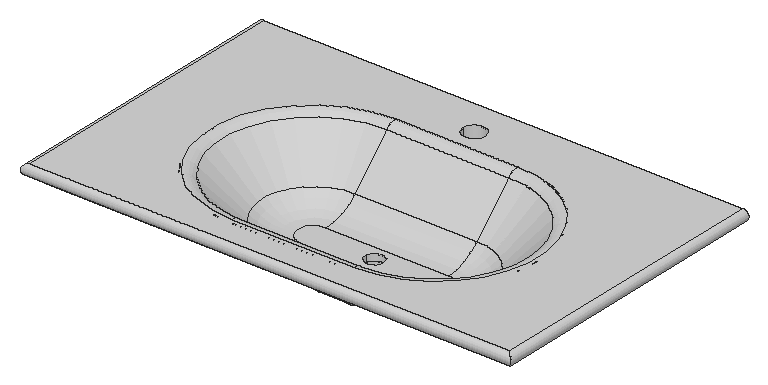
Revit family "Basin-Vanity_Sink-American_Standard-Studio_S-129800X", category Plumbing Fixtures, Revit 2019
Family settings
  Round Connector Dimension = Use Diameter
  Part Type = Normal
  OmniClass Number = 23.45.05.14.14
  OmniClass Title = Sinks/Lavatories
  Work Plane-Based = Yes
  Always vertical = No
  Cut with Voids When Loaded = Yes
  Shared = Yes
  Room Calculation Point = No
Parameters (values of type "1298001.020")
  Width = 33"
  Waste Connection Height = 18 1/8"  # constant formula
  Waste Connection Diameter = 1 1/4"  # constant formula
  Waste Connection = yes
  Warranty Documentation Link = "https://www.americanstandard-us.com/parts-support/warranty"
  WFU = 2
  Vent Connection = no
  URL = "http://www.americanstandard-us.com/"
  Revised Date = "05/03/2022"  # constant formula
  Product Page URL = "https://www.americanstandard-us.com/Countertop-Bathroom-Sinks/Studio-S-33-Inch-Vitreous-China-Vanity-Sink-Top-Center-Hole-Only/WHITE-1298001020"
  Product Documentation Link = "https://americanstandard.box.com/shared/static/04xbwaso9ddcefnufm0bekzdr61jmvsf.pdf"
  Price = "Prices may vary. Please consult Manufacturer Representative for most up-to-date price list."  # constant formula
  Model = "1298001.020"
  Material = "Vitreous China-American Standard-020-White"
  Manufacturer = "American Standard"  # constant formula
  Length = 20"
  Installation Type = "Counter"  # constant formula
  IAPMO Compliance = "Meets or Exceeds the Following Specifications  -  ASME A112.19.2/CSA B 45.1"  # constant formula
  Hot Water Connection Width = 4"
  Hot Water Connection Height = 20 1/4"  # constant formula
  Hot Water Connection Diameter = 1/2"
  Height = 1 5/16"
  HWFU = 1.5
  HW Connection = yes
  Finish = Vitreous China-American Standard-020-White
  Faucet hole HW CW = no
  Faucet hole HCW = if(Faucet hole Center only, 0", 1 5/16")  # 0"
  Faucet hole Center only = yes
  Description = "Studio® S33-Inch Vanity Sink and Optional Furniture VITREOUS CHINA"
  Default Elevation = 31"
  Creation Date = "5/05/2018"  # constant formula
  Connection Size = 1/2"  # constant formula
  Cold Water Connection Width = 4"
  Cold Water Connection Height = Hot Water Connection Height  # 20 1/4"
  Cold Water Connection Diameter = Hot Water Connection Diameter  # 1/2"
  CWFU = 1.5
  CW Connection = yes
  Assembly Code = "D2010300"
  ADA Compliant = yes
Types (3): name | Product Page URL | Model | Faucet hole HW CW | Faucet hole HCW | Faucet hole Center only | Default Elevation
  (no name) | "https://www.americanstandard-us.com/Countertop-Bathroom-Sinks/Studio-S-33-Inch-Vitreous-China-Vanity-Sink-Top-Center-Hole-Only/WHITE-1298001020" | "1298001.020" | no | 0" | yes | 31"
  1298008.020 | "https://www.americanstandard-us.com/Countertop-Bathroom-Sinks/Studio-S-33-Inch-Vitreous-China-Vanity-Sink-Top-8-Inch-Centers/WHITE-1298008020" | "1298008.020" | yes | 1 5/16" | no | 48"
  1298001.020 | "https://www.americanstandard-us.com/Countertop-Bathroom-Sinks/Studio-S-33-Inch-Vitreous-China-Vanity-Sink-Top-Center-Hole-Only/WHITE-1298001020" | "1298001.020" | no | 0" | yes | 31"
Reference planes (in)
  plane 1 "Center (Front/Back)": y = 0
  plane 2: z = 0
  plane 3 "Center (Left/Right)": x = 0
  plane 4: z = 1.3125
  plane 5: z = -10.75
  plane 6: z = -12.875
  plane 7: x = 4
  plane 8: x = -4
  plane 9: z = -3.125
  plane 10: z = -4.6875
  plane 11: x = -16.5
  plane 12: x = 16.5
  plane 13: y = 0.03125
  plane 14: y = -3.5
  plane 15: y = -5.9375
  plane 16: y = -14.3125
  plane 17: y = -23.5
  plane 18: x = -4
  plane 19: x = 4
  plane 20: z = -31
  plane 21: x = -11.21875
  plane 22: x = 11.21875
  plane 23: y = -21.40625
  plane 24: y = -7.21875
  plane 25: z = -2.6875
Forms (in)
  Extrusion 1, solid, not visible
    sketch origin (0, 0, 0) x (1, 0, 0) y (0, 0, 1)
      loop
        circle (0, -12.875) r 0.625
      loop
        circle (4, -10.75) r 0.25
      loop
        circle (-4, -10.75) r 0.25
    from -0.03125 to 0
  Sweep 2, solid, material "Vitreous China-American Standard-020-White" <- "Finish"
    path origin (0, 0, 0) x (1, 0, 0) y (0, 1, 0)
      loop
        line (-16.5, -3.5) -> (-16.5, -23.5) -> (16.5, -23.5) -> (16.5, -3.5)
    profile origin (-16.5, -13.5, 0) x (1, 0, 0) y (0, 0, 1)
      loop
        line (1.3883029, 1.3111829) -> (0.3754542, 1.3111829)
        arc (0.3754542, 1.3111829) -> (0.0004542, 0.9361829) -> (0.3754542, 0.5611829) r 0.375
        line (0.3754542, 0.5611829) -> (0.7898706, 0.5611829)
        arc (0.7898706, 0.5611829) -> (0.9384545, 0.4996374) -> (1, 0.3510535) r 0.2101294
        line (1, 0.3510535) -> (1, 0) -> (1.3883029, 0) -> (1.3883029, 1.3111829)
  Sweep 3, solid, material "Vitreous China-American Standard-020-White" <- "Finish"
    path origin (-16.1245458, -3.5, 1.3111829) x (0, -1, 0) y (1, 0, 0)
      loop
        arc (3.71875, 12.0116028) -> (10.8125, 4.9178528) -> (17.90625, 12.0116028) r 7.09375
        line (17.90625, 12.0116028) -> (17.90625, 20.2401105)
        arc (17.90625, 20.2401105) -> (10.8125, 27.3338605) -> (3.71875, 20.2401105) r 7.09375
        line (3.71875, 20.2401105) -> (3.71875, 12.0116028)
    profile origin (0.0013108, -7.21875, 1.3111829) x (0, 1, 0) y (0, 0, 1)
      loop
        line (0, 0) -> (-0.159726, 0)
        arc (-0.159726, 0) -> (-0.5744928, -0.0825022) -> (-0.9261152, -0.3174488) r 1.0838379
        line (-0.9261152, -0.3174488) -> (-3.6033019, -2.9946355)
        arc (-3.6033019, -2.9946355) -> (-4.7154356, -3.7377395) -> (-6.0272867, -3.9986829) r 3.4280322
        line (-6.0272867, -3.9986829) -> (-6.4584439, -3.9986829) -> (-6.4584439, -4.4361829) -> (-5.3876188, -4.4361829)
        arc (-5.3876188, -4.4361829) -> (-4.3293234, -4.2358162) -> (-3.4175183, -3.6624511) r 2.8950322
        arc (-3.4175183, -3.6624511) -> (-2.7324635, -2.9316325) -> (-2.1548629, -2.1132356) r 7.238307
        arc (-2.1548629, -2.1132356) -> (-1.876998, -1.7161514) -> (-1.5498391, -1.3585877) r 3.7176806
        arc (-1.5498391, -1.3585877) -> (-0.9402988, -0.8168211) -> (-0.2914362, -0.3228294) r 10.748068
        arc (-0.2914362, -0.3228294) -> (-0.1819464, -0.2686414) -> (-0.0612117, -0.25) r 0.4003017
        line (-0.0612117, -0.25) -> (0, -0.25) -> (0, 0)
  Extrusion 4, solid, material "Vitreous China-American Standard-020-White" <- "Finish"
    sketch origin (0, 0, 0) x (1, 0, 0) y (0, 1, 0)
      loop
        line (-15.1116971, -22.1116971) -> (15.1116971, -22.1116971) -> (15.1116971, -3.5) -> (-15.1116971, -3.5) -> (-15.1116971, -22.1116971)
      loop
        line (-4.112943, -21.40625) -> (4.1155647, -21.40625)
        arc (4.1155647, -21.40625) -> (11.2093147, -14.3125) -> (4.1155647, -7.21875) r 7.09375
        line (4.1155647, -7.21875) -> (-4.112943, -7.21875)
        arc (-4.112943, -7.21875) -> (-11.206693, -14.3125) -> (-4.112943, -21.40625) r 7.09375
    from 0 to 1.3111829
  Extrusion 5, solid, material "Vitreous China-American Standard-020-White" <- "Finish"
    sketch origin (0, 0, 0) x (1, 0, 0) y (0, 1, 0)
      loop
        arc (4.1155647, -14.9478061) -> (4.7508708, -14.3125) -> (4.1155647, -13.6771939) r 0.6353061
        line (4.1155647, -13.6771939) -> (-4.112943, -13.6771939)
        arc (-4.112943, -13.6771939) -> (-4.7482492, -14.3125) -> (-4.112943, -14.9478061) r 0.6353061
        line (-4.112943, -14.9478061) -> (4.1155647, -14.9478061)
    from -3.125 to -2.6875
  Revolve 6, solid, material "Vitreous China-American Standard-020-White" <- "Finish"
    sketch origin (60, -14.3125, 48) x (1, 0, 0) y (0, 0, 1)
      loop
        line (-60.625, -52.6875) -> (-60.625, -51.125) -> (-61.714497, -51.125)
        arc (-61.714497, -51.125) -> (-61.5514842, -51.2160353) -> (-61.4767165, -51.3871213) r 0.2925921
        line (-61.4767165, -51.3871213) -> (-61.3784886, -52.5098721)
        arc (-61.3784886, -52.5098721) -> (-61.316103, -52.6363775) -> (-61.1846417, -52.6875) r 0.1945873
        line (-61.1846417, -52.6875) -> (-60.625, -52.6875)
      axis (-60, -51.125) -> (-60, -52.6875)
    angle from 0 to 360
  Sweep 7, solid, material "Vitreous China-American Standard-020-White" <- "Finish"
    path origin (0, 0, 0) x (0, 1, 0) y (0, 0, 1)
      loop
        arc (-21.3873925, 0.3985404) -> (-20.6087305, -0.2654456) -> (-19.9554734, -1.0531303) r 5.9449871
        arc (-19.9554734, -1.0531303) -> (-19.2030074, -2.0439) -> (-18.3676028, -2.965816) r 14.359085
        arc (-18.3676028, -2.965816) -> (-17.1546347, -3.7840215) -> (-15.7200368, -4.0715641) r 3.7224953
        line (-15.7200368, -4.0715641) -> (-14.9375, -4.0715641)
    profile origin (0, -15.3287684, -4.0715641) x (0, 0, 1) y (1, 0, 0)
      loop
        arc (0, -0.8648917) -> (0.0732233, -1.0416684) -> (0.25, -1.1148917) r 0.25
        line (0.25, -1.1148917) -> (0.9593864, -1.1148917) -> (0.9593864, 1.25) -> (0.25, 1.25)
        arc (0.25, 1.25) -> (0.0732233, 1.1767767) -> (0, 1) r 0.25
        line (0, 1) -> (0, -0.8648917)
      loop
        line (0.8343864, -0.9898917) -> (0.8343864, 1.125) -> (0.25, 1.125)
        arc (0.25, 1.125) -> (0.1616117, 1.0883883) -> (0.125, 1) r 0.125
        line (0.125, 1) -> (0.125, -0.8648917)
        arc (0.125, -0.8648917) -> (0.1616117, -0.9532801) -> (0.25, -0.9898917) r 0.125
        line (0.25, -0.9898917) -> (0.8343864, -0.9898917)
  Revolve 8, void
    sketch origin (0, -3.8911028, 10.4134004) x (0, 0.829038, 0.559193) y (0, -0.559193, 0.829038)
      loop
        line (-19.5501876, -0.5436269) -> (-18.0266132, -0.5436269) -> (-18.0266132, -0.1607231) -> (-19.5501876, -0.1607231) -> (-19.5501876, -0.5436269)
      axis (-19.5501876, -0.5436269) -> (-18.0266132, -0.5436269)
    angle from 0 to 360
  Extrusion 9, void
    sketch origin (0, 0, 0) x (1, 0, 0) y (0, 1, 0)
      loop
        circle (0, -14.3125) r 0.625
    from -4.6875 to 0
  Extrusion 10, void
    sketch origin (0, 0, 0) x (1, 0, 0) y (0, 1, 0)
      loop
        circle (-4, -5.9375) r 0.75
      loop
        circle (4, -5.9375) r 0.75
    from -3.125 to 0 <- "Faucet hole HCW"
  Extrusion 11, void
    sketch origin (0, 0, 0) x (1, 0, 0) y (0, 1, 0)
      loop
        circle (0, -5.9375) r 0.75
    from 0 to 1.3125
  Extrusion 12, void
    sketch origin (38.8323616, -28.2136921, 0) x (1, 0, 0) y (0, 1, 0)
      loop
        line (-23.8328157, 23.2136921) -> (-53.8323616, 23.2136921) -> (-53.8323616, 6.2136921) -> (-23.8328157, 6.2136921) -> (-23.8328157, 23.2136921)
    from -4.6875 to 1.3125
Cuts and joins
  Extrusion 9, Extrusion 10, Extrusion 11 cuts Sweep 2
  Revolve 8, Extrusion 9, Extrusion 10, Extrusion 11 cuts Sweep 3
  Extrusion 9, Extrusion 10, Extrusion 11 cuts Extrusion 4
  Extrusion 9, Extrusion 10, Extrusion 11 cuts Extrusion 5
  Revolve 8, Extrusion 9, Extrusion 10, Extrusion 11 cuts Sweep 7
  joined: Sweep 2, Sweep 3, Extrusion 4, Extrusion 5, Sweep 7
Lines and regions (in)
  Masking region 1
    outline origin (0, 0, 0) x (1, 0, 0) y (0, 1, 0)
      loop
        line (-16.4995458, -3.5) -> (-16.4995458, -23.5) -> (16.5, -23.5) -> (16.5, -3.5) -> (-16.4995458, -3.5)
  symbolic lines, visible <- "Faucet hole HW CW", detail levels medium+fine
    curve 1: circle (-4, -5.9375, 0) r 0.75 normal (0, 0, -1)
    curve 3: circle (4, -5.9375, 0) r 0.75 normal (0, 0, -1)
  symbolic lines, detail levels medium+fine
    curve 2: circle (0, -5.9375, 0) r 0.75 normal (0, 0, -1)
    curve 5: circle (0, -14.3125, 0) r 0.625 normal (0, 0, 1)
    curve 6: arc (4.0914654, -7.21875, 0) -> (11.1852154, -14.3125, 0) -> (4.0914654, -21.40625, 0) r 7.09375
    curve 7: line (-4.192477, -7.21875, 0) -> (4.0914654, -7.21875, 0)
    curve 8: line (-4.192477, -21.40625, 0) -> (4.0914654, -21.40625, 0)
    curve 9: arc (-4.192477, -7.21875, 0) -> (-11.286227, -14.3125, 0) -> (-4.192477, -21.40625, 0) r 7.09375
  symbolic lines, detail levels fine
    curve 4: spline (0.0000185, -18.6991459, 0) -> (0.1940178, -18.7385898, 0) -> (0.3343646, -18.8411815, 0) -> (0.3836748, -18.9795937, 0) -> (0.3288137, -19.1169574, 0) -> (0.1843945, -19.2166832, 0) -> (-0.0111137, -19.252207, 0) -> (-0.2056335, -19.2140664, 0) -> (-0.3473506, -19.1124209, 0) -> (-0.3985157, -18.9743458, 0) -> (-0.3455002, -18.8366201, 0) -> (-0.2024256, -18.73593, 0) -> (-0.0074028, -18.6990961, 0)
Dimensions and locks (in)
  "Height": plane 4 to plane 2
  plane 4 to plane 9 = 4 7/16"
  plane 4 to plane 10 = 6"
  locked: plane 1 "Center (Front/Back)" to plane 13 at 0.03125
  locked: plane 14 to plane 1 "Center (Front/Back)" at 3.5
  locked: plane 15 to plane 14 at 2.4375
  plane 16 to plane 14 = 10 13/16"
  "Length": plane 17 to plane 14
  equal spacing: plane 11, plane 3 "Center (Left/Right)", plane 12
  "Width": plane 11 to plane 12
  "Hot Water Connection Width": plane 8 to plane 3 "Center (Left/Right)"
  "Cold Water Connection Width": plane 7 to plane 3 "Center (Left/Right)"
  "Hot Water Connection Height": plane 5 to plane 20
  "Waste Connection Height": plane 6 to plane 20
  level to plane 20 = 31"
  aligned and locked: plane 1 "Center (Front/Back)" to Extrusion 1
  aligned and locked: Extrusion 1 to plane 13
  aligned and locked: Sweep 2 sketch curve to plane 11
  aligned and locked: Sweep 2 sketch curve to plane 17
  aligned and locked: Sweep 2 sketch curve to plane 12
  aligned and locked: Extrusion 4 sketch curve to Sweep 2  (x3)
  aligned and locked: Extrusion 4 sketch curve to plane 14
  aligned and locked: Sweep 2 to Extrusion 4  (x2)
  aligned and locked: plane 9 to Extrusion 5
  aligned and locked: plane 16 to Extrusion 9 sketch curve
  aligned and locked: plane 3 "Center (Left/Right)" to Extrusion 9 sketch curve
  aligned and locked: plane 10 to Extrusion 9
  aligned and locked: level to Extrusion 9
  aligned and locked: Extrusion 11 to level
  aligned and locked: plane 4 to Extrusion 11
  aligned and locked: plane 9 to Extrusion 10  (x2)
  aligned and locked: plane 10 to Extrusion 12
  aligned and locked: plane 4 to Extrusion 12
  aligned and locked: plane 6 to Extrusion 1 sketch curve
  aligned and locked: plane 3 "Center (Left/Right)" to Extrusion 1 sketch curve
  aligned and locked: plane 5 to Extrusion 1 sketch curve  (x2)
  aligned and locked: plane 19 to Extrusion 1 sketch curve
  aligned and locked: plane 18 to Extrusion 1 sketch curve
  aligned and locked: Extrusion 10 to plane 9
Automatic sketch dimensions
  plane 14 to Sweep 2 sketch curve = 0"  (x2)
  Extrusion 10 sketch curve to plane 8 = 0"
  Extrusion 10 sketch curve to plane 7 = 0"
  plane 15 to Extrusion 10 sketch curve = 0"  (x2)
  Extrusion 11 sketch curve to plane 3 "Center (Left/Right)" = 0"
  plane 15 to Extrusion 11 sketch curve = 0"
  plane 11 to Extrusion 12 sketch curve = 1 1/2"
  Extrusion 12 sketch curve to plane 12 = 1.50045"
  Extrusion 12 sketch curve to plane 17 = 1 1/2"
  Extrusion 12 sketch curve to plane 15 = 15/16"
  Sweep 2 sketch curve to level = 0"
  Sweep 2 sketch curve to profile plane = 0.37545"
  Sweep 2 sketch curve to Sweep 2 sketch curve = 0.41442"
  Sweep 2 sketch curve to Sweep 2 sketch curve = 0.21013"
  Sweep 2 sketch curve to Sweep 2 sketch curve = 0.3883"
  Sweep 2 sketch curve to Sweep 2 sketch curve = 0.35105"
  Sweep 2 sketch curve to Sweep 2 sketch curve = 3/8"
  Revolve 6 sketch curve to plane 9 = 0"
  Revolve 6 sketch curve to plane 10 = 0"
  Revolve 6 sketch curve to plane 3 "Center (Left/Right)" = 0"
  Revolve 6 sketch curve to plane 3 "Center (Left/Right)" = 5/8"
  Revolve 6 sketch curve to Revolve 6 sketch curve = 0.55964"
  Revolve 6 sketch curve to plane 10 = 0.17763"
  Revolve 6 sketch curve to Revolve 6 sketch curve = 0.19385"
  plane 9 to Revolve 6 sketch curve = 0.26212"
  Revolve 6 sketch curve to Revolve 6 sketch curve = 0.85172"
  Revolve 6 sketch curve to Revolve 6 sketch curve = 0.23778"
  plane 9 to Revolve 6 sketch curve = 0.28762"
  plane 10 to Revolve 6 sketch curve = 0.55224"
  Revolve 6 sketch curve to Revolve 6 sketch curve = 1/2"
  Sweep 7 sketch curve to plane 10 = 0.24721"
  plane 17 to Sweep 7 sketch curve = 1.34117"
  Sweep 7 sketch curve to level = 0.34907"
  plane 16 to Sweep 7 sketch curve = 1.40754"
  plane 15 to Sweep 7 sketch curve = 2.21743"
  Sweep 7 sketch curve to plane 10 = 0.61594"
  plane 4 to Sweep 7 sketch curve = 5.81548"
  level to Sweep 7 sketch curve = 0.39854"
  Sweep 7 sketch curve to plane 17 = 2.11261"
  Sweep 7 sketch curve to Sweep 7 sketch curve = 0"  (x5)
  plane 16 to Sweep 7 sketch curve = 5/8"
  Sweep 7 sketch curve to profile plane = 0"
  Sweep 7 sketch curve to Sweep 7 sketch curve = 1/8"  (x3)
  Sweep 7 sketch curve to profile plane = 1/4"
  Sweep 7 sketch curve to Sweep 7 sketch curve = 0.58439"
  Sweep 7 sketch curve to plane 3 "Center (Left/Right)" = 1.11489"
  plane 3 "Center (Left/Right)" to Sweep 7 sketch curve = 1"
  Revolve 8 sketch curve to level = 0.96961"
  Revolve 8 sketch curve to plane 17 = 3.70505"
  Revolve 8 sketch curve to Revolve 8 sketch curve = 1.52357"
  Revolve 8 sketch curve to Revolve 8 sketch curve = 0.3829"
  Revolve 8 sketch curve to Revolve 8 sketch curve = 0.42789"
  Revolve 8 sketch curve to Revolve 8 sketch curve = 0.14344"
  Revolve 8 sketch curve to Revolve 8 sketch curve = 0"
  plane 17 to Masking region 1 sketch curve = 0"
  plane 14 to Masking region 1 sketch curve = 0"
  Masking region 1 sketch curve to plane 12 = 0"
  plane 11 to Masking region 1 sketch curve = 0.00045"
  Sweep 2 to Sweep 3 sketch curve = 3 23/32"
  Sweep 3 sketch curve to Sweep 3 sketch curve = 7 3/32"
  Sweep 2 to Sweep 3 sketch curve = 10.99875"
  Sweep 3 sketch curve to Sweep 3 sketch curve = 8.22851"
  plane 24 to curve 9 = 0"
  plane 16 to curve 9 = 0"
  plane 8 to curve 7 = 0.19248"
  plane 7 to curve 8 = 0.09147"
  curve 4 to plane 3 "Center (Left/Right)" = 0.0074"
  plane 3 "Center (Left/Right)" to curve 4 = 0"
  plane 3 "Center (Left/Right)" to curve 4 = 0.38371"
  curve 4 to plane 23 = 2.43059"
  curve 4 to curve 4 = 0.27651"
  curve 1 to plane 8 = 0"
  curve 5 to plane 3 "Center (Left/Right)" = 0"
  curve 2 to plane 3 "Center (Left/Right)" = 0"
  curve 3 to plane 7 = 0"
  plane 16 to curve 5 = 0"
  plane 15 to curve 2 = 0"
  plane 15 to curve 1 = 0"
  plane 15 to curve 3 = 0"
  Sweep 3 sketch curve to profile plane = 0"  (x2)
  profile plane to Sweep 3 sketch curve = 1.64133"
  profile plane to Sweep 3 sketch curve = 8.34326"
  Sweep 3 sketch curve to Sweep 3 sketch curve = 1.88482"
  Sweep 3 sketch curve to profile plane = 0.57065"
  Sweep 3 sketch curve to Sweep 3 sketch curve = 2.31598"
  Sweep 3 sketch curve to Sweep 3 sketch curve = 0.63967"
  Sweep 3 sketch curve to Sweep 3 sketch curve = 1.78432"
  Sweep 3 sketch curve to profile plane = 0.31745"
  profile plane to Sweep 3 sketch curve = 0.92612"
  profile plane to Sweep 3 sketch curve = 0.15973"
  profile plane to Sweep 3 sketch curve = 0.06121"
  Sweep 3 sketch curve to profile plane = 1.02357"
  Sweep 3 sketch curve to profile plane = 5.89007"
  Sweep 3 sketch curve to Sweep 3 sketch curve = 0.9705"
  Sweep 3 sketch curve to Sweep 3 sketch curve = 1.45348"
  Sweep 3 sketch curve to Sweep 3 sketch curve = 2.95779"
  Sweep 3 sketch curve to Sweep 3 sketch curve = 7/16"
  Sweep 3 sketch curve to Sweep 3 sketch curve = 5.07381"
  Sweep 3 sketch curve to Sweep 3 sketch curve = 0.43354"
  Sweep 3 sketch curve to profile plane = 1/4"
  Sweep 3 sketch curve to Sweep 3 sketch curve = 0"  (x3)
  plane 16 to Extrusion 4 sketch curve = 0"
  plane 24 to Extrusion 4 sketch curve = 0"
  plane 8 to Extrusion 4 sketch curve = 0.11294"
  plane 7 to Extrusion 4 sketch curve = 0.11556"
  plane 16 to Extrusion 5 sketch curve = 0"
  plane 8 to Extrusion 5 sketch curve = 0.11294"
  plane 7 to Extrusion 5 sketch curve = 0.11556"
  Extrusion 5 sketch curve to Extrusion 5 sketch curve = 0.63531"
  radius of Extrusion 1 sketch curve = 5/8"
  radius of Extrusion 1 sketch curve = 1/4"  (x2)
  radius of Extrusion 9 sketch curve = 5/8"
  radius of Extrusion 10 sketch curve = 3/4"  (x2)
  radius of Extrusion 11 sketch curve = 3/4"
  radius of curve 1 = 3/4"
  radius of curve 2 = 3/4"
  radius of curve 3 = 3/4"
  radius of curve 5 = 5/8"
Connectors (in)
  piping at (-4, 0.03125, -10.75), diameter 0.5, driven by "HWFU", driven by "Hot Water Connection Diameter"
    settings: on Extrusion 1, index 1, connector inside diameter 24", connector length 0", flow factor 0, pipe flow 0 GPM, pressure drop 0.00 psi, fitting loss kfactor 0, connector angle 0.00°, fixture units 1.5, engagement length 0", angle of deflection 0.00°, flow configuration 3, flow direction 1, fitting loss method 0, system type 19, joint type 0, gender type 0, connector reference index -1, connector utility 0, adjustable connector no, is connector primary yes, connector description "1/2\" HW Inlet supply"
  piping at (0, 0.03125, -12.875), diameter 1.25, driven by "WFU", driven by "Waste Connection Diameter"
    settings: on Extrusion 1, index 2, connector inside diameter 24", connector length 0", flow factor 0, pipe flow 0 GPM, pressure drop 0.00 psi, fitting loss kfactor 0, connector angle 0.00°, fixture units 2, engagement length 0", angle of deflection 0.00°, flow configuration 3, flow direction 2, fitting loss method 0, system type 16, joint type 0, gender type 0, connector reference index -1, connector utility 0, adjustable connector yes, is connector primary no, connector description "1 1/4\" Waste Outlet Supply"
  piping at (4, 0.03125, -10.75), diameter 0.5, driven by "CWFU", driven by "Cold Water Connection Diameter"
    settings: on Extrusion 1, index 3, connector inside diameter 24", connector length 0", flow factor 0, pipe flow 0 GPM, pressure drop 0.00 psi, fitting loss kfactor 0, connector angle 0.00°, fixture units 1.5, engagement length 0", angle of deflection 0.00°, flow configuration 3, flow direction 1, fitting loss method 0, system type 20, joint type 0, gender type 0, connector reference index -1, connector utility 0, adjustable connector no, is connector primary no, connector description "1/2\" CW Inlet Supply"
